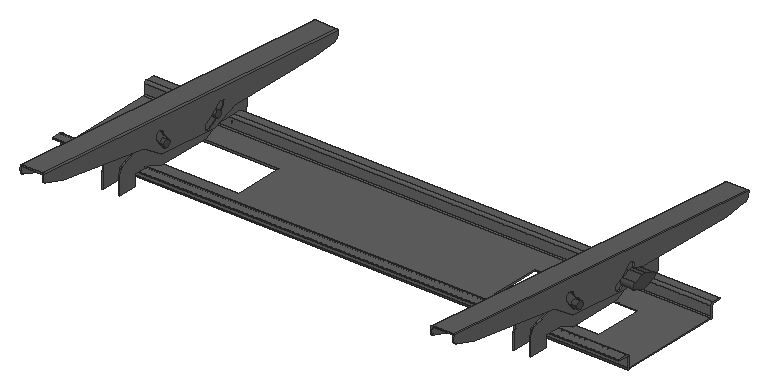
Revit family "Atdec-Wallmount-AD-WT50-Landscape-", category Generic Models, host Face, Revit 2016
Family settings
  Host = Face
  Part Type = Normal
  Can host rebar = No
  Round Connector Dimension = Use Diameter
  Cut with Voids When Loaded = No
  Shared = No
  Room Calculation Point = No
Parameters (values of type "AD-WT-5060")
  Weight, Single Unit = "2.64 (5.82lb)"
  Weight, master carton = "21.94kg (48.37lb)"
  Warranty = "10 years"
  VESA mounting hole pattern, mm = "100x100, 100x200, 200x100, 200x200, 200x300, 200x400, 300x200, 300x300, 400x200, 400x300, 400x400, 600x200, 600x400"
  Universal Height (mm) = "From 100 to 400"
  URL = "www.atdec.com.au"
  UPC Code = "881493019195"
  Tilt Adjustment = "10° of downward and 5° of upward tilt"
  Single units per master pack = "8"
  Single Unit Dimensions = "675mm (26.6\") Length, 155mm (6.1\") Width, 65mm (2.6\") Height"
  Security feature = "-"
  Range of Motion = "Tilt"
  Product Information Link = "https://www.atdec.com.au/ad-wt-5060"
  Product Family = "Wall Mount Rail"  # constant formula
  Universal Width (mm) = "From 100 to 600"
  Plate Width = 653 mm
  Plate Finish [instance] = ATD-Powdercoat Black
  Pan Adjustment = "-"
  Model = "AD-WT-5060"
  Minimum distance from wall (mm) = "56mm (2.20\")"
  Maximum distance from wall (mm) = "56mm (2.20\")"
  Material = "Steel"
  Master Carton Dimensions = "690mm (27.2\") Length, 283mm (11.1\") Width, 330mm (13\") Height"
  Manufacturer = "Atdec"  # constant formula
  Flat screen maximum supported weight = "50kg (110lb)"
  Email Address = "support@atdec.com"
  Description = "Tilting angle wall mount VESA up to 600x400"
  Default Elevation = 1219.2 mm
  Colour Options = "Black"
  Bracket Finish [instance] = ATD-Plastic Black
  Bracket Distance [instance] = 500 mm
  Backet Distance Restriction [instance] = if(Plate Width = 448 mm, if(Bracket Distance > 430 mm, 430 mm, Bracket Distance), if(Plate Width = 653 mm, if(Bracket Distance > 650 mm, 650 mm, Bracket Distance), Bracket Distance))  # 500 mm
  Assembly Code = "E1010800"
  Angle Restriction [instance] = if(Tilt Angle = 0.00°, 0.00°, if(Tilt Angle > 5.00°, 5.00°, if(Tilt Angle < -10.00°, -10.00°, Tilt Angle)))  # 5.00°
  Tilt Angle [instance] = 10.00°
Types (3, lengths in mm): name | Weight, Single Unit | Weight, master carton | VESA mounting hole pattern, mm | Single Unit Dimensions | Product Information Link | Universal Width (mm) | Plate Width | Model | Master Carton Dimensions | Description | Bracket Distance | Backet Distance Restriction | Angle Restriction | Tilt Angle
  (no name) | "2.64 (5.82lb)" | "21.94kg (48.37lb)" | "100x100, 100x200, 200x100, 200x200, 200x300, 200x400, 300x200, 300x300, 400x200, 400x300, 400x400, 600x200, 600x400" | "675mm (26.6\") Length, 155mm (6.1\") Width, 65mm (2.6\") Height" | "https://www.atdec.com.au/ad-wt-5060" | "From 100 to 600" | 653 | "AD-WT-5060" | "690mm (27.2\") Length, 283mm (11.1\") Width, 330mm (13\") Height" | "Tilting angle wall mount VESA up to 600x400" | 500 | 500 | 5.00° | 10.00°
  AD-WT-5040 | "2.16 (4.76lb)" | "18.26kg (40.26lb)" | "100x100, 100x200, 200x100, 200x200, 200x300, 200x400, 300x200, 300x300, 400x200, 400x300, 400x400" | "470mm (18.5\") Length, 155mm (6.1\") Width, 65mm (2.6\") Height" | "https://www.atdec.com.au/ad-wt-5040" | "From 100 to 400" | 448 | "AD-WT-5040" | "485mm (19.1\") Length, 283mm (11.1\") Width, 330mm (13\") Height" | "Tilting angle wall mount VESA up to 400x400" | 339 | 339 | 0.00° | 0.00°
  AD-WT-5060 | "2.64 (5.82lb)" | "21.94kg (48.37lb)" | "100x100, 100x200, 200x100, 200x200, 200x300, 200x400, 300x200, 300x300, 400x200, 400x300, 400x400, 600x200, 600x400" | "675mm (26.6\") Length, 155mm (6.1\") Width, 65mm (2.6\") Height" | "https://www.atdec.com.au/ad-wt-5060" | "From 100 to 600" | 653 | "AD-WT-5060" | "690mm (27.2\") Length, 283mm (11.1\") Width, 330mm (13\") Height" | "Tilting angle wall mount VESA up to 600x400" | 500 | 500 | 5.00° | 10.00°
Reference planes
  plane 1 "Center (Front/Back)": y = 0
  plane 2: z = 0
  plane 3 "Center (Left/Right)": x = 0
  plane 4: x = -250
  plane 5: x = 250
  plane 6: z = 70
  plane 7: x = -326.5
  plane 8: x = 326.5
Forms (mm)
  Extrusion 1, solid, material "ATD-Powdercoat Black" <- "Plate Finish"
    sketch origin (0, 0, 0) x (0, 1, 0) y (0, 0, 1)
      loop
        arc (61.034, 13.529) -> (61.372, 14.345) -> (62.187, 14.683) r 1.153
        line (62.187, 14.683) -> (72.369, 14.683) -> (72.369, 16.221) -> (62.187, 16.221)
        arc (62.187, 16.221) -> (60.284, 15.432) -> (59.496, 13.529) r 2.691
        line (59.496, 13.529) -> (59.496, 2.691)
        arc (59.496, 2.691) -> (59.158, 1.876) -> (58.343, 1.538) r 1.153
        line (58.343, 1.538) -> (-58.343, 1.538)
        arc (-58.343, 1.538) -> (-59.158, 1.876) -> (-59.496, 2.691) r 1.153
        line (-59.496, 2.691) -> (-59.496, 13.529)
        arc (-59.496, 13.529) -> (-60.284, 15.432) -> (-62.187, 16.221) r 2.691
        line (-62.187, 16.221) -> (-73.204, 16.221) -> (-73.204, 14.683) -> (-62.187, 14.683)
        arc (-62.187, 14.683) -> (-61.372, 14.345) -> (-61.034, 13.529) r 1.153
        line (-61.034, 13.529) -> (-61.034, 2.307)
        arc (-61.034, 2.307) -> (-60.358, 0.676) -> (-58.727, 0) r 2.307
        line (-58.727, 0) -> (58.727, 0)
        arc (58.727, 0) -> (60.358, 0.676) -> (61.034, 2.307) r 2.307
        line (61.034, 2.307) -> (61.034, 13.529)
    from 326.5 to -326.5
  Extrusion 2, void
    sketch origin (0, 0, 0) x (1, 0, 0) y (0, 1, 0)
      loop
        line (-147.716, 28.89) -> (-267.716, 28.89) -> (-267.716, -28.89) -> (-147.716, -28.89) -> (-147.716, 28.89)
      loop
        line (147.716, 28.89) -> (147.716, -28.89) -> (267.716, -28.89) -> (267.716, 28.89) -> (147.716, 28.89)
    from 0.09 to 19.59
  Sweep 3, solid, material "ATD-Powdercoat Black" <- "Plate Finish"
    path origin (0, 0, 0) x (0, 1, 0) y (0, 0, 1)
      loop
        line (91.359, 15.5) -> (-113.85, 15.5)
    profile origin (0, -11.246, 15.5) x (0, 0, -1) y (1, 0, 0)
      loop
        line (-32.982, -247.182) -> (11.972, -247.182) -> (11.972, -245.644) -> (-32.982, -245.644) -> (-32.982, -247.182)
      loop
        line (-32.982, -226.578) -> (-32.982, -228.117) -> (11.972, -228.117) -> (11.972, -226.578) -> (-32.982, -226.578)
      loop
        line (-32.982, 247.182) -> (-32.982, 245.644) -> (11.972, 245.644) -> (11.972, 247.182) -> (-32.982, 247.182)
      loop
        line (-32.982, 226.578) -> (11.972, 226.578) -> (11.972, 228.117) -> (-32.982, 228.117) -> (-32.982, 226.578)
  Extrusion 4, void
    sketch origin (0, 0, 0) x (0, 1, 0) y (0, 0, 1)
      loop
        arc (75.343, 33.054) -> (80.237, 29.351) -> (81.943, 23.456) r 9.733
        line (81.943, 23.456) -> (81.943, 17.19)
        arc (81.943, 17.19) -> (78.627, 9.436) -> (70.732, 6.475) r 10.726
        line (70.732, 6.475) -> (62.181, 6.475) -> (60.507, 8.149) -> (60.507, 9.763) -> (62.534, 12.178) -> (72.369, 14.104) -> (72.369, 16.246) -> (36.457, 16.246) -> (22.209, 8.348) -> (-40.552, 8.348) -> (-56.736, 16.242) -> (-79.379, 16.242) -> (-79.379, 3.541) -> (-100.872, 3.541) -> (-100.872, 21.153)
        arc (-100.872, 21.153) -> (-98.349, 29.004) -> (-91.724, 33.916) r 13.477
        line (-91.724, 33.916) -> (-48.669, 48.521) -> (-113.85, 48.521) -> (-113.85, -4.17) -> (91.359, -4.17) -> (91.359, 48.521) -> (29.738, 48.521) -> (75.343, 33.054)
    from -250 to 250
  Extrusion 5, solid, material "ATD-Plastic Black" <- "Bracket Finish"
    sketch origin (0, 0, 0) x (0, 1, 0) y (0, 0, 1)
      loop
        arc (35.841, 37.894) -> (33.406, 38.294) -> (30.97, 37.893) r 7.613
        line (30.97, 37.893) -> (20.635, 34.403)
        arc (20.635, 34.403) -> (18.046, 30.796) -> (20.635, 27.189) r 3.807
        line (20.635, 27.189) -> (30.497, 23.858)
        arc (30.497, 23.858) -> (32.933, 23.458) -> (35.369, 23.858) r 7.613
        line (35.369, 23.858) -> (45.708, 27.349)
        arc (45.708, 27.349) -> (48.297, 30.956) -> (45.708, 34.562) r 3.807
        line (45.708, 34.562) -> (35.841, 37.894)
    from -270.159 to -255.157
  Extrusion 6, solid, material "ATD-Plastic Black" <- "Bracket Finish"
    sketch origin (0, 0, 0) x (0, 1, 0) y (0, 0, 1)
      loop
        circle (-40.543, 32.905) r 3.848
      loop
        circle (33.406, 30.68) r 3.848
    from -255.157 to -220.831
  Extrusion 7, solid, material "ATD-Plastic Black" <- "Bracket Finish"
    sketch origin (0, 0, 0) x (0, 1, 0) y (0, 0, -1)
      loop
        circle (-40.543, -32.905) r 3.848
      loop
        circle (33.406, -30.68) r 3.848
    from -255.157 to -220.831
  Extrusion 8, solid, material "ATD-Plastic Black" <- "Bracket Finish"
    sketch origin (0, 0, 0) x (0, 1, 0) y (0, 0, -1)
      loop
        line (35.841, -37.894) -> (45.708, -34.562)
        arc (45.708, -34.562) -> (48.297, -30.956) -> (45.708, -27.349) r 3.807
        line (45.708, -27.349) -> (35.369, -23.858)
        arc (35.369, -23.858) -> (32.933, -23.458) -> (30.497, -23.858) r 7.613
        line (30.497, -23.858) -> (20.635, -27.189)
        arc (20.635, -27.189) -> (18.046, -30.796) -> (20.635, -34.403) r 3.807
        line (20.635, -34.403) -> (30.97, -37.893)
        arc (30.97, -37.893) -> (33.406, -38.294) -> (35.841, -37.894) r 7.613
    from -270.159 to -255.157
Cuts and joins
  Extrusion 4 cuts Sweep 3
  Extrusion 2 cuts Extrusion 1
Lines and regions (mm)
  reference lines
    curve 1: line (0, 0, 70) -> (0, -263.992, 93.096)
    curve 2: line (0, 0, 70) -> (0, 4.358, 119.81)
Dimensions and locks
  locked: Sweep 3 sketch curve to plane 2 at 15.5
  "Backet Distance Restriction": plane 4 to plane 5
  equal spacing: plane 4, plane 3 "Center (Left/Right)", plane 5
  equal spacing: plane 7, plane 3 "Center (Left/Right)", plane 8
  "Plate Width": plane 7 to plane 8
  locked: Extrusion 2 sketch curve to Extrusion 2 sketch curve at 120  (x2)
  equal spacing: Extrusion 2 sketch curve, plane 1 "Center (Front/Back)", Extrusion 2 sketch curve, locked at 28.89 each  (x2)
  locked: plane 7 to Extrusion 2 sketch curve at 58.784
  locked: Extrusion 2 sketch curve to plane 8 at 58.784
  Sweep 3 sketch curve to Sweep 3 sketch curve to Sweep 3 sketch curve to Sweep 3 sketch curve to plane 4 = 1.539 mm locked, 17.526 mm locked, 1.539 mm locked, 2.818 mm locked
  Sweep 3 sketch curve to Sweep 3 sketch curve to Sweep 3 sketch curve to Sweep 3 sketch curve to plane 5 = 1.539 mm locked, 17.526 mm locked, 1.539 mm locked, 2.818 mm locked
  Extrusion 6 to plane 4 to Extrusion 6 = 5.157 mm locked, 29.169 mm locked
  Extrusion 5 to Extrusion 5 to plane 4 = 15.001 mm locked, 5.157 mm locked
  Extrusion 7 to plane 5 to Extrusion 7 = 29.169 mm locked, 5.157 mm locked
  plane 5 to Extrusion 8 to Extrusion 8 = 5.157 mm locked, 15.001 mm locked
  locked: plane 6 to plane 2 at 70
  cut or joined group of Extrusion 1, Extrusion 2 to cut or joined group of Extrusion 1, Extrusion 2 to cut or joined group of Extrusion 1, Extrusion 2 to plane 1 "Center (Front/Back)" = 11.335 mm locked, 1.538 mm locked, 59.496 mm locked
  plane 1 "Center (Front/Back)" to cut or joined group of Extrusion 1, Extrusion 2 to cut or joined group of Extrusion 1, Extrusion 2 to cut or joined group of Extrusion 1, Extrusion 2 = 59.496 mm locked, 1.538 mm locked, 12.17 mm locked
  locked: Extrusion 4 sketch curve to plane 1 "Center (Front/Back)" at 91.359
  locked: plane 1 "Center (Front/Back)" to Extrusion 4 sketch curve at 113.85
  locked: plane 1 "Center (Front/Back)" to cut or joined group of Sweep 3, Extrusion 4 at 100.872
  locked: curve 1 to curve 2 (angle 90.00°)
  "Angle Restriction": angle plane 6 to curve 1
  aligned and locked: plane 2 to host face
  aligned and locked: level to host face
  aligned and locked: Extrusion 1 sketch curve to plane 2
  aligned and locked: Extrusion 4 to plane 4
  aligned and locked: plane 3 "Center (Left/Right)" to nested 1
  aligned and locked: plane 1 "Center (Front/Back)" to curve 1
  aligned and locked: plane 6 to curve 1
  aligned and locked: nested 1 to curve 1
  aligned and locked: nested 1 to curve 2
  aligned and locked: Extrusion 4 to plane 5
  aligned and locked: plane 7 to Extrusion 1
  aligned and locked: Extrusion 1 to plane 8
  aligned and locked: Extrusion 7 sketch curve to Extrusion 6  (x2)
Automatic sketch dimensions
  host sketch curve to host sketch curve = 510.817 mm
  host sketch curve to host sketch curve = 545 mm
  Extrusion 1 sketch curve to Extrusion 1 sketch curve = 0 mm  (x5)
  level to Extrusion 1 sketch curve = 16.221 mm
  plane 1 "Center (Front/Back)" to Extrusion 1 sketch curve = 73.204 mm
  Extrusion 1 sketch curve to Extrusion 1 sketch curve = 11.017 mm
  Extrusion 1 sketch curve to Extrusion 1 sketch curve = 1.153 mm  (x3)
  Extrusion 1 sketch curve to Extrusion 1 sketch curve = 1.538 mm  (x2)
  Extrusion 1 sketch curve to Extrusion 1 sketch curve = 0.769 mm
  Extrusion 1 sketch curve to Extrusion 1 sketch curve = 0.384 mm  (x2)
  level to Extrusion 1 sketch curve = 1.538 mm
  Extrusion 1 sketch curve to Extrusion 1 sketch curve = 10.182 mm
  Extrusion 1 sketch curve to Extrusion 1 sketch curve = 10.838 mm
  level to Extrusion 4 sketch curve = 48.521 mm
  level to Extrusion 4 sketch curve = 3.541 mm
  Extrusion 4 sketch curve to Extrusion 4 sketch curve = 12.979 mm
  level to Extrusion 4 sketch curve = 33.916 mm
  Extrusion 4 sketch curve to Extrusion 4 sketch curve = 9.148 mm
  Extrusion 4 sketch curve to Extrusion 4 sketch curve = 4.329 mm
  Extrusion 4 sketch curve to Extrusion 4 sketch curve = 8.016 mm
  level to Extrusion 4 sketch curve = 16.242 mm
  Extrusion 4 sketch curve to Extrusion 4 sketch curve = 22.642 mm
  Extrusion 4 sketch curve to Extrusion 4 sketch curve = 8.067 mm
  level to Extrusion 4 sketch curve = 8.348 mm
  Extrusion 4 sketch curve to Extrusion 4 sketch curve = 16.185 mm
  level to Extrusion 4 sketch curve = 8.149 mm
  level to Extrusion 4 sketch curve = 6.475 mm
  Extrusion 4 sketch curve to Extrusion 4 sketch curve = 1.674 mm
  level to Extrusion 4 sketch curve = 12.178 mm
  Extrusion 4 sketch curve to Extrusion 4 sketch curve = 2.026 mm
  Extrusion 4 sketch curve to Extrusion 4 sketch curve = 8.55 mm
  Extrusion 4 sketch curve to Extrusion 4 sketch curve = 8.683 mm
  Extrusion 4 sketch curve to Extrusion 4 sketch curve = 1 mm
  Extrusion 4 sketch curve to Extrusion 4 sketch curve = 1.152 mm
  level to Extrusion 4 sketch curve = 33.054 mm
  Extrusion 4 sketch curve to Extrusion 4 sketch curve = 3.126 mm
  Extrusion 4 sketch curve to Extrusion 4 sketch curve = 9.726 mm
  Extrusion 4 sketch curve to Extrusion 4 sketch curve = 16.016 mm
  Extrusion 4 sketch curve to level = 4.17 mm
  Extrusion 4 sketch curve to Extrusion 4 sketch curve = 1.614 mm
  Extrusion 4 sketch curve to Extrusion 4 sketch curve = 3.086 mm
  level to Extrusion 4 sketch curve = 16.246 mm
  Extrusion 4 sketch curve to Extrusion 4 sketch curve = 6.266 mm
  Extrusion 4 sketch curve to Extrusion 4 sketch curve = 15.467 mm
  Extrusion 5 sketch curve to Extrusion 5 sketch curve = 0 mm
  Extrusion 5 sketch curve to Extrusion 5 sketch curve = 1.218 mm  (x3)
  Extrusion 5 sketch curve to Extrusion 5 sketch curve = 1.964 mm
  Extrusion 5 sketch curve to Extrusion 5 sketch curve = 4.872 mm  (x2)
  Extrusion 5 sketch curve to Extrusion 5 sketch curve = 3.331 mm
  Extrusion 8 sketch curve to plane 1 "Center (Front/Back)" = 20.635 mm
  Extrusion 8 sketch curve to Extrusion 8 sketch curve = 0 mm
  Extrusion 8 sketch curve to Extrusion 8 sketch curve = 1.218 mm  (x3)
  Extrusion 8 sketch curve to Extrusion 8 sketch curve = 9.862 mm
  Extrusion 8 sketch curve to Extrusion 8 sketch curve = 10.335 mm
  Extrusion 8 sketch curve to Extrusion 8 sketch curve = 1.964 mm
  Extrusion 8 sketch curve to Extrusion 8 sketch curve = 0.473 mm
  Extrusion 8 sketch curve to Extrusion 8 sketch curve = 4.872 mm  (x2)
  Extrusion 8 sketch curve to Extrusion 8 sketch curve = 8.649 mm
  level to Extrusion 8 sketch curve = 27.349 mm
  Extrusion 8 sketch curve to Extrusion 8 sketch curve = 3.331 mm
  Extrusion 8 sketch curve to Extrusion 8 sketch curve = 0.116 mm
  Extrusion 8 sketch curve to Extrusion 8 sketch curve = 3.607 mm  (x2)
  Extrusion 8 sketch curve to Extrusion 8 sketch curve = 0.392 mm
  Extrusion 8 sketch curve to Extrusion 8 sketch curve = 6.822 mm  (x2)
  plane 1 "Center (Front/Back)" to Extrusion 2 sketch curve = 28.89 mm
  Extrusion 2 sketch curve to plane 1 "Center (Front/Back)" = 28.89 mm
  profile plane to Sweep 3 sketch curve = 32.982 mm  (x2)
  Sweep 3 sketch curve to Sweep 3 sketch curve = 0 mm  (x2)
  Sweep 3 sketch curve to profile plane = 11.972 mm  (x4)
  plane 1 "Center (Front/Back)" to Sweep 3 sketch curve = 113.85 mm
  Sweep 3 sketch curve to plane 1 "Center (Front/Back)" = 91.359 mm
  plane 1 "Center (Front/Back)" to Extrusion 6 sketch curve = 40.543 mm
  Extrusion 6 sketch curve to plane 1 "Center (Front/Back)" = 33.406 mm
  level to Extrusion 6 sketch curve = 30.68 mm
  level to Extrusion 6 sketch curve = 32.905 mm
  Extrusion 5 sketch curve to plane 1 "Center (Front/Back)" = 20.635 mm
  Extrusion 5 sketch curve to Extrusion 5 sketch curve = 9.862 mm
  Extrusion 5 sketch curve to Extrusion 5 sketch curve = 10.335 mm
  Extrusion 5 sketch curve to Extrusion 5 sketch curve = 0.473 mm
  Extrusion 5 sketch curve to Extrusion 5 sketch curve = 8.649 mm
  level to Extrusion 5 sketch curve = 23.858 mm
  Extrusion 5 sketch curve to Extrusion 5 sketch curve = 3.491 mm
  Extrusion 5 sketch curve to Extrusion 5 sketch curve = 6.822 mm  (x2)
  Extrusion 5 sketch curve to Extrusion 5 sketch curve = 3.607 mm  (x3)
  Extrusion 5 sketch curve to Extrusion 5 sketch curve = 0.392 mm
  Extrusion 1 sketch curve to plane 1 "Center (Front/Back)" = 58.343 mm
  Extrusion 4 sketch curve to Extrusion 4 sketch curve = 14.247 mm
  Extrusion 4 sketch curve to plane 1 "Center (Front/Back)" = 22.209 mm
  Extrusion 4 sketch curve to plane 1 "Center (Front/Back)" = 29.738 mm
  radius of Extrusion 6 sketch curve = 3.848 mm  (x2)
Nested families
  nested 1: "AD" at (0, 0, 70) x (1, 0, 0) z (0, 0.0872, 0.9962), Bracket Dist <- "Backet Distance Restriction", Plate Finish <- "Plate Finish", type "AD"
    with Plate Finish ATD-Powdercoat Black, Bracket Dist 500 mm
Definition of nested family "AD"
  Parameters (values of type "AD")
    Plate Finish [instance] = none
    Default Elevation = 1219.2 mm
    Bracket Dist [instance] = 400 mm
  Reference planes
    plane 1 "Center (Front/Back)": z = 0
    plane 2: y = 0
    plane 3 "Center (Left/Right)": x = 0
    plane 4: x = -200
    plane 5: x = 200
  Forms (mm)
    Sweep 1, solid, material <- "Plate Finish"
      path origin (0, 112.504, -36.27) x (0, 0, -1) y (0, 1, 0)
        loop
          line (114.899, 105.497) -> (114.899, -345.75)
      profile origin (0, -7.622, -151.168) x (0, 0, -1) y (1, 0, 0)
        loop
          line (-100.439, -200) -> (-100.439, -198.421) -> (-138.602, -198.421) -> (-138.602, -174.551) -> (-100.439, -174.551) -> (-100.439, -172.975) -> (-138.177, -172.975)
          arc (-138.177, -172.975) -> (-139.592, -173.561) -> (-140.179, -174.977) r 2.002
          line (-140.179, -174.977) -> (-140.179, -198.974)
          arc (-140.179, -198.974) -> (-139.878, -199.699) -> (-139.153, -200) r 1.026
          line (-139.153, -200) -> (-100.439, -200)
        loop
          line (-100.439, 200) -> (-139.153, 200)
          arc (-139.153, 200) -> (-139.878, 199.699) -> (-140.179, 198.974) r 1.026
          line (-140.179, 198.974) -> (-140.179, 174.977)
          arc (-140.179, 174.977) -> (-139.592, 173.561) -> (-138.177, 172.975) r 2.002
          line (-138.177, 172.975) -> (-100.439, 172.975) -> (-100.439, 174.551) -> (-138.602, 174.551) -> (-138.602, 198.421) -> (-100.439, 198.421) -> (-100.439, 200)
    Extrusion 2, void
      sketch origin (0, 112.504, -36.27) x (0, 0, -1) y (0, 1, 0)
        loop
          arc (-19.24, 97.898) -> (-16.132, 96.815) -> (-14.371, 94.035) r 5
          line (-14.371, 94.035) -> (-8.302, 68.032) -> (-0.092, -49.381) -> (14.46, -76.301) -> (14.46, 105.497) -> (-27.183, 105.497) -> (-27.183, 97.898) -> (-19.24, 97.898)
        loop
          line (14.46, -345.75) -> (14.46, -152.886) -> (-0.474, -180.223) -> (-8.248, -296.602) -> (-14.385, -323.182)
          arc (-14.385, -323.182) -> (-16.144, -325.97) -> (-19.257, -327.057) r 5
          line (-19.257, -327.057) -> (-27.183, -327.057) -> (-27.183, -345.75) -> (14.46, -345.75)
        loop
          arc (-4.133, -65.533) -> (-10.871, -67.608) -> (-9.42, -74.508) r 5.23
          arc (-9.42, -74.508) -> (-1.238, -81.903) -> (5.112, -90.919) r 49.729
          arc (5.112, -90.919) -> (11.978, -90.524) -> (13.033, -83.728) r 5.471
          arc (13.033, -83.728) -> (5.504, -73.637) -> (-4.133, -65.533) r 54.718
        loop
          arc (9.64, -150.907) -> (7.802, -144.101) -> (0.856, -145.31) r 5.23
          arc (0.856, -145.31) -> (-3.785, -150.508) -> (-9.106, -155.005) r 49.729
          arc (-9.106, -155.005) -> (-10.284, -162.161) -> (-3.208, -163.751) r 5.283
          arc (-3.208, -163.751) -> (3.753, -157.866) -> (9.64, -150.907) r 54.718
      from 200 to -200
  Cuts and joins
    Extrusion 2 cuts Sweep 1
  Dimensions and locks
    equal spacing: plane 4, plane 3 "Center (Left/Right)", plane 5
    "Bracket Dist": plane 4 to plane 5
    Sweep 1 sketch curve to Sweep 1 sketch curve to Sweep 1 sketch curve to plane 4 = 1.576 mm locked, 23.87 mm locked, 1.579 mm locked
    Sweep 1 sketch curve to Sweep 1 sketch curve to Sweep 1 sketch curve to plane 5 = 1.576 mm locked, 23.87 mm locked, 1.579 mm locked
    aligned and locked: Extrusion 2 to plane 4
    aligned and locked: plane 5 to Extrusion 2
    aligned and locked: plane 4 to Sweep 1 sketch curve
    aligned and locked: plane 5 to Sweep 1 sketch curve
    aligned and locked: Extrusion 2 sketch curve to Extrusion 2 sketch curve
  Automatic sketch dimensions
    Sweep 1 sketch curve to level = 151.168 mm
    profile plane to Sweep 1 sketch curve = 140.179 mm  (x2)
    Sweep 1 sketch curve to Sweep 1 sketch curve = 1.026 mm
    Sweep 1 sketch curve to Sweep 1 sketch curve = 0.55 mm  (x2)
    Sweep 1 sketch curve to Sweep 1 sketch curve = 0.426 mm  (x2)
    Sweep 1 sketch curve to Sweep 1 sketch curve = 37.738 mm
    Sweep 1 sketch curve to Sweep 1 sketch curve = 38.164 mm
    Sweep 1 sketch curve to Sweep 1 sketch curve = 0 mm  (x2)
    Sweep 1 sketch curve to Sweep 1 sketch curve = 0.553 mm
    Extrusion 2 sketch curve to Extrusion 2 sketch curve = 0 mm  (x4)
    level to Extrusion 2 sketch curve = 2.199 mm
    Extrusion 2 sketch curve to level = 1.338 mm
    Extrusion 2 sketch curve to level = 1.973 mm
    Extrusion 2 sketch curve to Extrusion 2 sketch curve = 7.943 mm
    Extrusion 2 sketch curve to Extrusion 2 sketch curve = 4.872 mm
    Extrusion 2 sketch curve to Extrusion 2 sketch curve = 4.869 mm
    Extrusion 2 sketch curve to Extrusion 2 sketch curve = 6.068 mm
    Extrusion 2 sketch curve to level = 29.905 mm
    Extrusion 2 sketch curve to level = 30.366 mm
    Extrusion 2 sketch curve to Extrusion 2 sketch curve = 6.273 mm
    Extrusion 2 sketch curve to Extrusion 2 sketch curve = 10.895 mm
    Extrusion 2 sketch curve to Extrusion 2 sketch curve = 14.665 mm
    Extrusion 2 sketch curve to Extrusion 2 sketch curve = 6.159 mm
    Extrusion 2 sketch curve to Extrusion 2 sketch curve = 28.845 mm
    Extrusion 2 sketch curve to plane 2 = 233.246 mm
    Extrusion 2 sketch curve to Extrusion 2 sketch curve = 18.693 mm
    Extrusion 2 sketch curve to Extrusion 2 sketch curve = 3.875 mm
    Extrusion 2 sketch curve to plane 2 = 46.703 mm
    Extrusion 2 sketch curve to Extrusion 2 sketch curve = 10.696 mm
    Extrusion 2 sketch curve to plane 2 = 6.664 mm
    Extrusion 2 sketch curve to plane 2 = 2.366 mm
    plane 2 to Extrusion 2 sketch curve = 1.318 mm
    plane 2 to Extrusion 2 sketch curve = 26.031 mm
    Extrusion 2 sketch curve to Extrusion 2 sketch curve = 10.173 mm
    Extrusion 2 sketch curve to Extrusion 2 sketch curve = 6.038 mm
    Extrusion 2 sketch curve to Extrusion 2 sketch curve = 20.883 mm
    Extrusion 2 sketch curve to Extrusion 2 sketch curve = 117.413 mm
    Extrusion 2 sketch curve to Extrusion 2 sketch curve = 24.866 mm
    Extrusion 2 sketch curve to Extrusion 2 sketch curve = 1.136 mm
    Extrusion 2 sketch curve to Extrusion 2 sketch curve = 11.462 mm
    Extrusion 2 sketch curve to level = 9.087 mm
    Extrusion 2 sketch curve to Extrusion 2 sketch curve = 7.926 mm
    Extrusion 2 sketch curve to Extrusion 2 sketch curve = 3.055 mm
    Extrusion 2 sketch curve to Extrusion 2 sketch curve = 6.136 mm
    Extrusion 2 sketch curve to Extrusion 2 sketch curve = 3.202 mm
    Extrusion 2 sketch curve to Extrusion 2 sketch curve = 2.232 mm
    Extrusion 2 sketch curve to Extrusion 2 sketch curve = 2.696 mm
    Extrusion 2 sketch curve to Extrusion 2 sketch curve = 2.734 mm
    Extrusion 2 sketch curve to Extrusion 2 sketch curve = 4.136 mm
    Extrusion 2 sketch curve to Extrusion 2 sketch curve = 3.189 mm
    Extrusion 2 sketch curve to Extrusion 2 sketch curve = 26.58 mm
    Extrusion 2 sketch curve to Extrusion 2 sketch curve = 16.472 mm
    Extrusion 2 sketch curve to Extrusion 2 sketch curve = 1.979 mm
    Sweep 1 sketch curve to plane 2 = 233.246 mm
    plane 2 to Sweep 1 sketch curve = 218.001 mm
